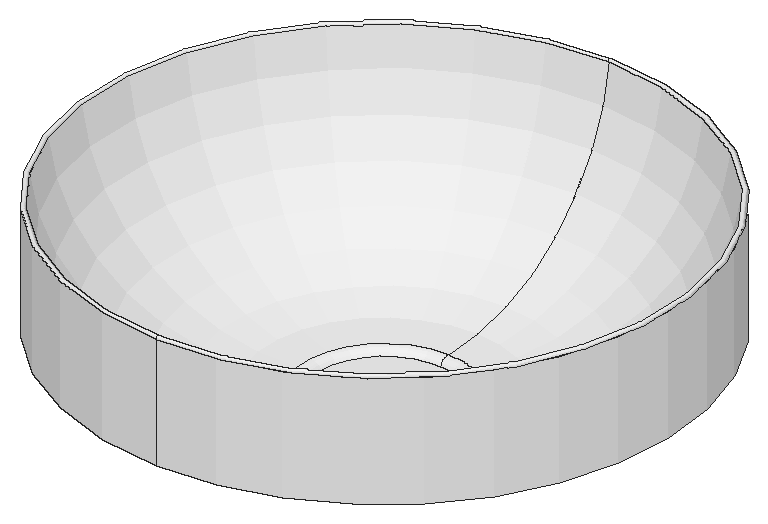
Revit family "Reece_Basin_Roca_Inspira_Semi Inset Basin_Round _370 mm", category Plumbing Fixtures, host Face, Revit 2018
Family settings
  Host = Face
  Round Connector Dimension = Use Diameter
  Part Type = Normal
  Cut with Voids When Loaded = No
  Shared = Yes
  Room Calculation Point = Yes
Parameters (values of type "No Taphole_FINECERAMIC")
  WFU = 0  # constant formula
  URL = "https://www.reece.com.au/product/-9507159"
  Type Comments = "Basin"
  Reece_Product_Web Page = "https://www.reece.com.au/product/-9507159"
  Reece_Product_Type = "Basin"  # constant formula
  Reece_Product_Sub Brand = "Inspira"  # constant formula
  Reece_Product_Number = "9507159"
  Reece_Product_Mount = "Semi Inset"
  Reece_Product_Description = "Roca Inspira Round Semi Inset Basin 370mm x 370mm Gloss White"  # constant formula
  Reece_Product_Brand = "Roca"  # constant formula
  Reece_Overall_Width = 370 mm  # constant formula
  Reece_Overall_Length = 370 mm  # constant formula
  Reece_Overall_Height = 120 mm  # constant formula
  Reece_Overall_Capacity = 8.70 L  # constant formula
  Reece_Material-Main = Reece_FINECERAMIC_White
  Reece_Detail_Installation = "Semi Inset Basin"  # constant formula
  Reece_Detail_Disclaimer = "THIS FILE IS THE PROPERTY OF THE REECE GROUP. IT MAY NOT BE REPRODUCED, REVERSE-ENGINEERED OR MODIFIED. ANY REPUBLICATION, TRANSMISSION OR DISTRIBUTION FOR THE PURPOSE OF COMMERCIALLY EXPLOITING THE FILES IS PROHIBITED."  # constant formula
  Reece_Detail_Connector = "No Taphole"  # constant formula
  Reece_Detail_Additional = "Round"  # constant formula
  Reece_Basin_Outlet = 46 mm  # constant formula
  Model = "Inspira"
  Manufacturer = "Roca"
  Keynote = "Product #9507159, Reece_Basin_Roca_Inspira_Semi Inset Basin_Round _370 mm - No Taphole_FINECERAMIC"
  HWFU = 0  # constant formula
  Disclaimer = "THIS FILE IS THE PROPERTY OF THE REECE GROUP. IT MAY NOT BE REPRODUCED, REVERSE-ENGINEERED OR MODIFIED. ANY REPUBLICATION, TRANSMISSION OR DISTRIBUTION FOR THE PURPOSE OF COMMERCIALLY EXPLOITING THE FILES IS PROHIBITED."  # constant formula
  Description = "Roca Inspira Round Semi Inset Basin 370mm x 370mm Gloss White"
  Default Elevation = 1000 mm
  CWFU = 0  # constant formula
Types (2, lengths in mm): name | Keynote
  (no name) | "Product #9507159, Reece_Basin_Roca_Inspira_Semi Inset Basin_Round _370 mm -  "
  No Taphole_FINECERAMIC | "Product #9507159, Reece_Basin_Roca_Inspira_Semi Inset Basin_Round _370 mm - No Taphole_FINECERAMIC"
Reference planes
  plane 1 "Center (Front/Back)": y = -79.125
  plane 2 "Bottom": z = 0
  plane 3 "Center (Left/Right)": x = 0
  plane 4: y = 105.875
  plane 5: x = 185
  plane 6: x = -185
  plane 7: y = -264.125
  plane 8: z = -84
  plane 9: z = 75
  plane 10: z = -45
Forms (mm)
  Extrusion 1, void
    sketch origin (0, 0, 0) x (1, 0, 0) y (0, 1, 0)
      loop
        circle (0, -79.125) r 50
    from -39 to 26.101
  Revolve 2, solid, material "Reece_FINECERAMIC_White" <- "Reece_Material-Main"
    sketch origin (0, 0.389, -65) x (0, 1, 0) y (0, 0, 1)
      loop
        arc (-35.476, 17.934) -> (-37.932, 10.119) -> (-44.826, 5.695) r 12.015
        arc (-44.826, 5.695) -> (-53.233, 0.428) -> (-56.513, -8.935) r 15
        line (-56.513, -8.935) -> (-56.513, -19) -> (-52.296, -19) -> (-52.296, -8.287)
        arc (-52.296, -8.287) -> (-50.034, -1.953) -> (-44.273, 1.516) r 10
        arc (-44.273, 1.516) -> (-35.172, 6.853) -> (-31.281, 16.661) r 16.215
        arc (-31.281, 16.661) -> (-30.153, 19.078) -> (-27.651, 20.001) r 3.505
        arc (-27.651, 20.001) -> (46.076, 39.369) -> (96.709, 96.351) r 131.651
        arc (96.709, 96.351) -> (99.394, 83.358) -> (100.372, 70.127) r 102.064
        arc (100.372, 70.127) -> (101.873, 66.502) -> (105.499, 65) r 5.127
        line (105.499, 65) -> (105.499, 138.522)
        arc (105.499, 138.522) -> (104.113, 139.981) -> (102.585, 138.672) r 1.461
        arc (102.585, 138.672) -> (60.012, 56.532) -> (-27.174, 25.584) r 126.051
        arc (-27.174, 25.584) -> (-32.896, 23.463) -> (-35.476, 17.934) r 8.033
      axis (-79.513, 138.672) -> (-79.513, -19)
    angle from 0 to 360
  Revolve 3, solid, material "Reece_FINECERAMIC_White" <- "Reece_Material-Main"
    sketch origin (0, -78.759, -44.009) x (1, 0, 0) y (0, 0, 1)
      loop
        line (0, -3.19) -> (0, 4.096)
        arc (0, 4.096) -> (-20.867, 3.884) -> (-41.718, 3.037) r 685.858
        line (-41.718, 3.037) -> (-41.718, -3.19) -> (-38.3, -3.19) -> (-36.59, -7.888) -> (-31.59, -7.888) -> (-31.59, -3.19) -> (0, -3.19)
      axis (0, 4.096) -> (0, -7.888)
    angle from 0 to 360
  Extrusion 4, void
    sketch origin (0, 0, 0) x (1, 0, 0) y (0, 1, 0)
      loop
        circle (0, -79.125) r 170
    from -90.208 to 21.445
Lines and regions (mm)
  symbolic lines, style "PlumbingFixtures"
    curve 1: circle (0, -79.125, 0) r 170 normal (0, 0, 1)
Text (mm)
  text "Reece Copyright © 2018, Reece Ltd." at (-902.343, -740.328, 0), in view "Ref. Level"
  text "Reece ©" at (44.384, 258.95, 192.345), in view "Reece Preview"
Dimensions and locks
  equal spacing: plane 6, plane 3 "Center (Left/Right)", plane 5
  "Reece_Overall_Width": plane 6 to plane 5
  "Reece_Overall_Length": plane 4 to plane 7
  equal spacing: plane 4, plane 1 "Center (Front/Back)", plane 7
  plane 9 to host face = 75 mm
  plane 9 to plane 8 = 159 mm  (x2)
  "Reece_Overall_Height": plane 9 to plane 10
  plane 6 to plane 5 = 370 mm
  "Reece_Overall_Length": plane 4 to Revolve 2
  plane 9 to plane 2 "Bottom" = 75 mm
  plane 9 to plane 10 = 120 mm
  aligned and locked: host face to plane 2 "Bottom"
  aligned and locked: level to host face
Automatic sketch dimensions
  host sketch curve to host sketch curve = 801.051 mm
  host sketch curve to host sketch curve = 660.299 mm
  plane 1 "Center (Front/Back)" to Extrusion 1 sketch curve = 0 mm
  Extrusion 1 sketch curve to plane 3 "Center (Left/Right)" = 0 mm
  Revolve 3 sketch curve to plane 3 "Center (Left/Right)" = 0 mm  (x2)
  Revolve 3 sketch curve to plane 3 "Center (Left/Right)" = 3.459 mm
  Revolve 3 sketch curve to plane 3 "Center (Left/Right)" = 31.59 mm
  Revolve 3 sketch curve to Revolve 3 sketch curve = 5 mm
  Revolve 3 sketch curve to Revolve 3 sketch curve = 1.71 mm
  Revolve 3 sketch curve to Revolve 3 sketch curve = 3.418 mm
  plane 8 to Revolve 3 sketch curve = 641.761 mm
  Revolve 3 sketch curve to plane 8 = 32.103 mm
  Revolve 3 sketch curve to Revolve 3 sketch curve = 4.698 mm  (x2)
  Revolve 3 sketch curve to Revolve 3 sketch curve = 6.227 mm
  Revolve 3 sketch curve to Revolve 3 sketch curve = 0 mm  (x2)
  Revolve 2 sketch curve to plane 1 "Center (Front/Back)" = 0 mm
  plane 8 to Revolve 2 sketch curve = 0 mm
  Revolve 2 sketch curve to level = 0 mm
  Revolve 2 sketch curve to plane 1 "Center (Front/Back)" = 23 mm
  Revolve 2 sketch curve to Revolve 2 sketch curve = 4.218 mm
  Revolve 2 sketch curve to plane 10 = 2.587 mm
  Revolve 2 sketch curve to Revolve 2 sketch curve = 4.816 mm
  Revolve 2 sketch curve to Revolve 2 sketch curve = 0.001 mm
  Revolve 2 sketch curve to Revolve 2 sketch curve = 10 mm
  Revolve 2 sketch curve to Revolve 2 sketch curve = 0.782 mm
  Revolve 2 sketch curve to plane 10 = 3.501 mm
  Revolve 2 sketch curve to Revolve 2 sketch curve = 19.699 mm
  Revolve 2 sketch curve to Revolve 2 sketch curve = 0.327 mm
  plane 9 to Revolve 2 sketch curve = 11.559 mm
  Revolve 2 sketch curve to Revolve 2 sketch curve = 0 mm  (x6)
  level to Revolve 2 sketch curve = 4.24 mm
  Revolve 2 sketch curve to Revolve 2 sketch curve = 25.764 mm
  Revolve 2 sketch curve to plane 4 = 1.449 mm
  plane 4 to Revolve 2 sketch curve = 0.012 mm
  Revolve 2 sketch curve to plane 8 = 10.065 mm
  Revolve 2 sketch curve to Revolve 2 sketch curve = 0.648 mm
  Revolve 2 sketch curve to Revolve 2 sketch curve = 0.003 mm
  Revolve 2 sketch curve to Revolve 2 sketch curve = 1.057 mm
  level to Revolve 2 sketch curve = 5.127 mm
  Revolve 2 sketch curve to plane 9 = 1.478 mm
  Revolve 2 sketch curve to Revolve 2 sketch curve = 0.004 mm
  Revolve 2 sketch curve to plane 10 = 2.066 mm
  Revolve 2 sketch curve to plane 4 = 8.778 mm
  plane 8 to Revolve 2 sketch curve = 36 mm
  plane 9 to Revolve 2 sketch curve = 40 mm
  plane 1 "Center (Front/Back)" to curve 1 = 0 mm
  curve 1 to plane 3 "Center (Left/Right)" = 0 mm
  plane 1 "Center (Front/Back)" to Extrusion 4 sketch curve = 0 mm
  Extrusion 4 sketch curve to plane 3 "Center (Left/Right)" = 0 mm
  radius of Extrusion 1 sketch curve = 50 mm
  radius of curve 1 = 170 mm
  radius of Extrusion 4 sketch curve = 170 mm
Connectors
  piping at (0, -79.125, -84), diameter 46, driven by "Reece_Basin_Outlet"
    settings: on Revolve 2, index 2, connector inside diameter 609.6 mm, connector length 0 mm, flow factor 0, pipe flow 0.0 L/s, pressure drop 0.0 Pa, fitting loss kfactor 0, connector angle 0.00°, fixture units 0, engagement length 0 mm, angle of deflection 0.00°, flow configuration 0, flow direction 2, fitting loss method 0, system type 16, joint type 0, gender type 0, connector reference index -1, connector utility 0, adjustable connector no, is connector primary yes, connector description ""
